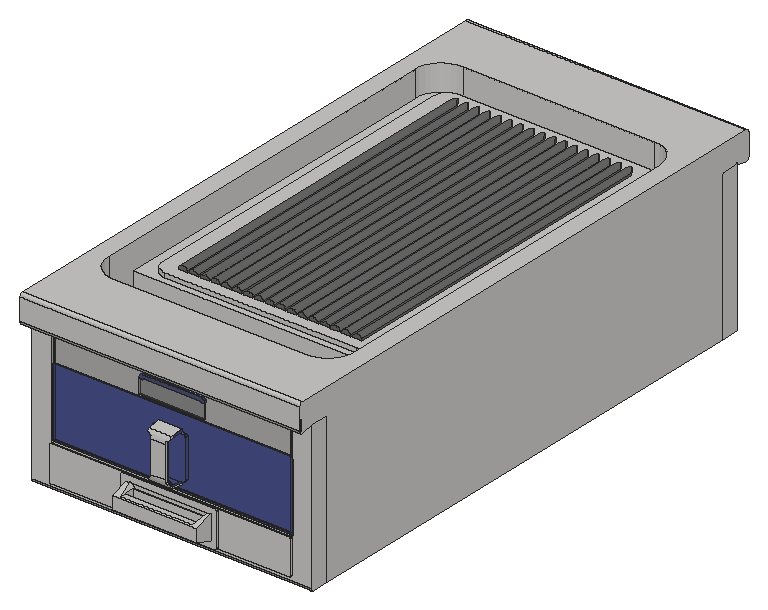
Revit family "QF_ELECTROLUXPROFESSIONAL_588064_MAHNAADOAO", category Specialty Equipment, Revit 2018
Family settings
  Round Connector Dimension = Use Diameter
  Part Type = Normal
  Work Plane-Based = No
  Always vertical = Yes
  Cut with Voids When Loaded = No
  Shared = No
  Room Calculation Point = No
Parameters
  Weight in Pounds = 152.1  # constant formula
  Watts = 5100 VA  # 5100 W
  Volts = 400 V  # constant formula
  URL Cutsheet = ""
  Type Mark [instance] = ""
  Status [instance] = ""
  Specification by User [instance] = ""
  Specification by Manufacturer = ""
  Show Clearance [instance] = yes
  Serial Number = ""
  Seismic Rating = ""
  SMACNA No = ""
  Revision Code [instance] = ""
  Phase = 3  # constant formula
  Omniclass Number and Title = ""
  Number of Poles [instance] = 1
  NAFEM Spec ID Number = ""
  Model = "588064"
  Min Ckt Ampacity = 0 A
  Max Overcurrent Protection = 0 A
  Masterspec = ""
  Manufacturer = "ELECTROLUX"
  Item Number [instance] = ""
  Installed By [instance] = ""
  Identify Quantity as Lot [instance] = yes
  HP = "6.8 HP"
  Furnished By [instance] = ""
  Foodservice Equipment Identifier [instance] = yes
  FL Amps [instance] = if(Phase = 3, Watts / (Volts * 1.73), Watts / Volts)  # 7.36994 A
  Electrical Remarks = "400 V/3N ph/50/60 Hz"  # constant formula
  Electric Connection Type [instance] = ""
  Elec Conn RI Height [instance] = 0 mm
  Elec Conn Connection Height [instance] = 0 mm
  Direct Waste Size = 0"
  Description = "EL.FRYTOP,RIBBED PL,1-SIDE,400X800X250H"
  Cycle [instance] = if([60 Hertz Option], 60 Hz, 50 Hz)  # 60 Hz
  Conn Plug = ""
  Conn Conduit = yes
  CSI MasterFormat = ""
  CSI Master Format = ""
  Back Panel [instance] = yes
  Apparent Power [instance] = if(Phase = 3, Volts * FL Amps * 1.73, Volts * FL Amps)  # 5100 VA
  60 Hertz Option [instance] = not([50 Hertz Option])  # yes
  50 Hertz Option [instance] = no
Reference planes
  plane 1 "BACK": y = -100
  plane 2: z = 0
  plane 3 "LEFT": x = 0
  plane 4 "RIGHT": x = 400
  plane 5 "FRONT": y = -900
  plane 6 "TOP": z = 250
  plane 7: x = 200
  plane 8: y = -500
  plane 9: y = -1330
Forms (mm)
  Extrusion 1, solid, material "QF_Finishes_Stainless Steel"
    sketch origin (0, -487.128, 0) x (0, 1, 0) y (0, 0, 1)
      loop
        line (383.128, 250) -> (-408.872, 250)
        arc (-408.872, 250) -> (-411.7, 248.828) -> (-412.872, 246) r 4
        line (-412.872, 246) -> (-412.872, 214)
        arc (-412.872, 214) -> (-411.443, 210.936) -> (-408.177, 210.061) r 4
        line (-408.177, 210.061) -> (-391.509, 213) -> (-366.872, 213) -> (-366.872, 0) -> (341.128, 0) -> (341.128, 213) -> (365.765, 213) -> (382.433, 210.061)
        arc (382.433, 210.061) -> (385.699, 210.936) -> (387.128, 214) r 4
        line (387.128, 214) -> (387.128, 246)
        arc (387.128, 246) -> (385.956, 248.828) -> (383.128, 250) r 4
    from 0 to 400
  Extrusion 2, solid, material "QF_Finishes_Stainless Steel", visible <- "Back Panel"
    sketch origin (0, 0, 0) x (0, 1, 0) y (0, 0, 1)
      loop
        line (-146, 0) -> (-120, 0) -> (-120, 215)
        arc (-120, 215) -> (-120.586, 213.586) -> (-122, 213) r 2
        line (-122, 213) -> (-146, 213) -> (-146, 0)
    from 0 to 400
  Extrusion 3, void
    sketch origin (653.786, -55.952, 250) x (1, 0, 0) y (0, -1, 0)
      loop
        line (-590.636, 133.048) -> (-316.936, 133.048)
        arc (-316.936, 133.048) -> (-289.96, 144.222) -> (-278.786, 171.198) r 38.15
        line (-278.786, 171.198) -> (-278.786, 716.572)
        arc (-278.786, 716.572) -> (-290.056, 743.779) -> (-317.263, 755.048) r 38.476
        line (-317.263, 755.048) -> (-591.786, 755.048)
        arc (-591.786, 755.048) -> (-617.949, 744.211) -> (-628.786, 718.048) r 37
        line (-628.786, 718.048) -> (-628.786, 171.198)
        arc (-628.786, 171.198) -> (-617.613, 144.222) -> (-590.636, 133.048) r 38.15
    from 0 to 37
  Extrusion 4, void
    sketch origin (1307.573, -7.904, 213) x (0, 1, 0) y (1, 0, 0)
      loop
        line (-721.846, -932.573) -> (-764.62, -932.573)
        arc (-764.62, -932.573) -> (-791.827, -943.842) -> (-803.096, -971.049) r 38.476
        line (-803.096, -971.049) -> (-803.096, -1245.573)
        arc (-803.096, -1245.573) -> (-792.259, -1271.736) -> (-766.096, -1282.573) r 37
        line (-766.096, -1282.573) -> (-721.846, -1282.573) -> (-721.846, -932.573)
    from 0 to 25.6
  Extrusion 5, void
    sketch origin (1307.573, -7.904, 187.4) x (-1, 0, 0) y (0, 1, 0)
      loop
        circle (1212.573, -762.096) r 22.248
    from 0 to 92
  Extrusion 6, solid, material "QF_Finishes_Stainless Steel"
    sketch origin (0, -854, 0) x (1, 0, 0) y (0, -1, 0)
      loop
        circle (355, -169) r 6.35
    from 0 to 3.2
  Extrusion 7, solid, material "QF_Door-Drawer Clearances", visible <- "Show Clearance", detail levels coarse
    sketch origin (237.31, -881.593, 8.62) x (0, 0, 1) y (-1, 0, 0)
      loop
        line (1.973, -134.295) -> (49.317, -134.295)
        arc (49.317, -134.295) -> (50.776, -133.691) -> (51.38, -132.232) r 2.063
        line (51.38, -132.232) -> (51.38, 206.852)
        arc (51.38, 206.852) -> (50.88, 208.549) -> (49.541, 209.705) r 3.133
        line (49.541, 209.705) -> (3.067, 209.705)
        arc (3.067, 209.705) -> (0.898, 208.807) -> (0, 206.638) r 3.067
        line (0, 206.638) -> (0, -132.322)
        arc (0, -132.322) -> (0.578, -133.717) -> (1.973, -134.295) r 1.973
    from 0 to 448.407
Cuts and joins
  Extrusion 3, Extrusion 4, Extrusion 5 cuts Extrusion 1
Lines and regions (mm)
  symbolic lines
    curve 1: line (215.881, -902.326, 0) -> (215.881, -900, 0)
    curve 2: spline (210.213, -903.73, 0) -> (210.691, -903.657, 0) -> (211.169, -903.575, 0) -> (211.646, -903.486, 0) -> (212.122, -903.389, 0) -> (212.597, -903.283, 0) -> (213.071, -903.17, 0) -> (213.543, -903.049, 0) -> (214.014, -902.92, 0) -> (214.483, -902.783, 0) -> (214.951, -902.638, 0) -> (215.417, -902.486, 0) -> (215.881, -902.326, 0)
    curve 3: line (183.666, -902.326, 0) -> (183.666, -900, 0)
    curve 4: spline (183.666, -902.326, 0) -> (184.13, -902.486, 0) -> (184.596, -902.638, 0) -> (185.064, -902.783, 0) -> (185.533, -902.92, 0) -> (186.004, -903.049, 0) -> (186.476, -903.17, 0) -> (186.95, -903.283, 0) -> (187.425, -903.389, 0) -> (187.901, -903.486, 0) -> (188.378, -903.575, 0) -> (188.856, -903.657, 0) -> (189.334, -903.73, 0)
    curve 5: line (210.213, -903.73, 0) -> (189.334, -903.73, 0)
    curve 6: line (25, -774, 0) -> (25, -227.15, 0)
    curve 7: arc (25, -227.15, 0) -> (36.174, -200.174, 0) -> (63.15, -189, 0) r 38.15
    curve 8: line (63.15, -189, 0) -> (336.85, -189, 0)
    curve 9: arc (336.85, -189, 0) -> (363.826, -200.174, 0) -> (375, -227.15, 0) r 38.15
    curve 10: line (375, -227.15, 0) -> (375, -772.524, 0)
    curve 11: arc (375, -772.524, 0) -> (363.731, -799.731, 0) -> (336.524, -811, 0) r 38.476
    curve 12: line (336.524, -811, 0) -> (62, -811, 0)
    curve 13: arc (62, -811, 0) -> (35.837, -800.163, 0) -> (25, -774, 0) r 37
    curve 14: line (375, -729.75, 0) -> (25, -729.75, 0)
    curve 15: circle (95, -770, 0) r 22.248 normal (0, 0, -1)
    curve 16: line (0, -100, 0) -> (400, -100, 0)
    curve 17: line (0, -900, 0) -> (0, -100, 0)
    curve 18: line (400, -900, 0) -> (0, -900, 0)
    curve 19: line (400, -100, 0) -> (400, -900, 0)
    curve 20: line (147.608, -908.767, 0) -> (250.042, -908.767, 0)
    curve 21: line (250.042, -908.767, 0) -> (251.588, -900, 0)
    curve 22: line (147.608, -908.767, 0) -> (146.062, -900, 0)
  symbolic lines, style "QF_Door-Drawer Clearances"
    curve 23: line (27.605, -1330, 0) -> (27.605, -900, 0)
    curve 24: line (27.605, -1330, 0) -> (371.605, -1330, 0)
    curve 25: line (371.605, -1330, 0) -> (371.605, -900, 0)
Dimensions and locks
  plane 3 "LEFT" to plane 4 "RIGHT" = 400 mm
  plane 5 "FRONT" to plane 1 "BACK" = 800 mm
  equal spacing: plane 3 "LEFT", plane 7, plane 4 "RIGHT"
  equal spacing: plane 5 "FRONT", plane 8, plane 1 "BACK"
  plane 6 "TOP" to level = 250 mm  (x2)
  plane 1 "BACK" to plane 5 "FRONT" = 800 mm
  Extrusion 6 sketch curve to plane 1 "BACK" = 585 mm
  Extrusion 6 sketch curve to plane 4 "RIGHT" = 45 mm
  plane 5 "FRONT" to plane 9 = 430 mm
  aligned and locked: level to plane 2
  aligned and locked: plane 7 to nested 1
  aligned and locked: Extrusion 7 to plane 9
  aligned and locked: plane 7 to nested 2
Automatic sketch dimensions
  Extrusion 1 sketch curve to plane 5 "FRONT" = 0 mm
  Extrusion 1 sketch curve to plane 6 "TOP" = 0 mm
  Extrusion 1 sketch curve to level = 0 mm
  Extrusion 1 sketch curve to plane 1 "BACK" = 0 mm
  Extrusion 1 sketch curve to plane 6 "TOP" = 37 mm  (x2)
  Extrusion 1 sketch curve to plane 5 "FRONT" = 4 mm
  Extrusion 1 sketch curve to plane 5 "FRONT" = 21.363 mm
  Extrusion 1 sketch curve to Extrusion 1 sketch curve = 24.637 mm
  plane 1 "BACK" to Extrusion 1 sketch curve = 46 mm
  plane 1 "BACK" to Extrusion 1 sketch curve = 21.363 mm
  plane 1 "BACK" to Extrusion 1 sketch curve = 4 mm  (x2)
  Extrusion 1 sketch curve to Extrusion 1 sketch curve = 4 mm
  Extrusion 1 sketch curve to Extrusion 1 sketch curve = 0.695 mm
  Extrusion 1 sketch curve to Extrusion 1 sketch curve = 0 mm  (x4)
  plane 1 "BACK" to Extrusion 1 sketch curve = 4.695 mm
  Extrusion 1 sketch curve to Extrusion 1 sketch curve = 1 mm  (x2)
  Extrusion 2 sketch curve to Extrusion 2 sketch curve = 26 mm
  Extrusion 2 sketch curve to Extrusion 2 sketch curve = 2 mm
  Extrusion 2 sketch curve to plane 6 "TOP" = 37 mm
  plane 1 "BACK" to curve 16 = 0 mm
  curve 16 to plane 4 "RIGHT" = 0 mm
  curve 25 to plane 9 = 0 mm
  curve 17 to plane 3 "LEFT" = 0 mm
  plane 5 "FRONT" to curve 19 = 0 mm
  plane 4 "RIGHT" to curve 10 = 25 mm
  plane 4 "RIGHT" to curve 25 = 28.395 mm
  curve 10 to curve 8 = 38.15 mm
  curve 11 to curve 12 = 38.476 mm
  plane 5 "FRONT" to curve 1 = 2.326 mm
  plane 7 to curve 1 = 15.881 mm
  plane 5 "FRONT" to curve 5 = 3.73 mm
  curve 2 to curve 5 = 5.669 mm
  plane 5 "FRONT" to curve 20 = 8.767 mm
  curve 20 to curve 2 = 39.83 mm
  curve 20 to curve 5 = 60.708 mm
  plane 5 "FRONT" to curve 3 = 2.326 mm
  curve 5 to curve 3 = 5.669 mm
  plane 3 "LEFT" to curve 8 = 63.15 mm
  plane 3 "LEFT" to curve 12 = 62 mm
  plane 3 "LEFT" to curve 24 = 27.605 mm
  plane 3 "LEFT" to curve 6 = 25 mm
  curve 1 to curve 2 = 9.839 mm
  curve 2 to curve 4 = 12.538 mm
  curve 21 to curve 4 = 58.083 mm
  curve 15 to curve 13 = 33 mm
  plane 1 "BACK" to curve 8 = 89 mm
  curve 10 to plane 5 "FRONT" = 127.476 mm
  curve 14 to curve 13 = 44.25 mm
  curve 15 to curve 13 = 4 mm
  curve 4 to plane 5 "FRONT" = 39.101 mm
  curve 4 to curve 2 = 0 mm
  Extrusion 1 to Extrusion 3 sketch curve = 25 mm  (x2)
  Extrusion 1 to Extrusion 3 sketch curve = 85 mm
  Extrusion 3 sketch curve to Extrusion 3 sketch curve = 37 mm
  Extrusion 3 sketch curve to Extrusion 3 sketch curve = 38.15 mm
  Extrusion 1 to Extrusion 3 sketch curve = 63.476 mm
  Extrusion 1 to Extrusion 3 sketch curve = 63.15 mm
  Extrusion 1 to Extrusion 3 sketch curve = 123.15 mm
  Extrusion 4 sketch curve to Extrusion 3 = 0 mm
  Extrusion 4 sketch curve to Extrusion 3 = 38.476 mm
  Extrusion 4 sketch curve to Extrusion 4 sketch curve = 44.25 mm
  Extrusion 5 sketch curve to Extrusion 4 = 70 mm
  Extrusion 5 sketch curve to Extrusion 4 = 40.25 mm
  Extrusion 7 sketch curve to nested 1 = 1.973 mm
  Extrusion 7 sketch curve to nested 1 = 2.853 mm
  Extrusion 7 sketch curve to nested 1 = 1.839 mm
  curve 22 to plane 7 = 52.392 mm
  curve 20 to curve 22 = 1.546 mm
  plane 1 "BACK" to Extrusion 2 sketch curve = 22 mm
  Extrusion 2 sketch curve to level = 0 mm
  radius of curve 15 = 22.248 mm
  radius of Extrusion 4 sketch curve to Extrusion 3 = 0 mm
  radius of Extrusion 5 sketch curve = 22.248 mm
  radius of Extrusion 6 sketch curve = 6.35 mm
  radius of Extrusion 7 sketch curve to nested 1 = 0 mm  (x2)
Nested families
  nested 1: "EG_800_400 Front Panel with Center Grease Trap" at (202.376, -854, -650), type "EG_800_400 Front Panel with Center Grease Trap"
  nested 2: "EG_800_400 mm Full Grate" at (200, -509.375, -675), type "EG_800_400 mm Full Grate"
Connectors
  electrical at (355, -685, -3.2), driven by "Volts", driven by "Watts"
    settings: on Extrusion 6, index 1, voltage 400 V, apparent load 5100 VA, apparent load phase1 0 VA, apparent load phase2 0 VA, apparent load phase3 0 VA, power factor 1, load classification "Other", number of poles 1, system type 30, power factor state 1, is connector primary yes, connector utility no, sub classification motor no, connector description "ELECTRICAL CONNECTION"
Definition of nested family "EG_800_400 Front Panel with Center Grease Trap"
  Reference planes
    plane 1 "Center (Front/Back)": y = 0
    plane 2: z = 0
    plane 3 "Center (Left/Right)": x = -2.376
    plane 4: x = -202.376
    plane 5: x = 197.624
  Forms (mm)
    Extrusion 1, solid
      sketch origin (833.217, 829.203, -1.25) x (0, 1, 0) y (0, 0, 1)
        loop
          arc (-854.203, 654.25) -> (-853.324, 652.129) -> (-851.203, 651.25) r 3
          line (-851.203, 651.25) -> (-829.203, 651.25) -> (-829.203, 864.25) -> (-854.203, 864.25) -> (-854.203, 654.25)
      from -1035.593 to -635.593
    Extrusion 2, void
      sketch origin (33.217, 829.203, -1.25) x (1, 0, 0) y (0, 0, 1)
        loop
          line (-207.593, 855.116) -> (-207.593, 713.116) -> (136.407, 713.116) -> (136.407, 855.116) -> (-207.593, 855.116)
      from 848.59 to 854.203
  Cuts and joins
    Extrusion 2 cuts Extrusion 1
  Dimensions and locks
    equal spacing: plane 5, plane 3 "Center (Left/Right)", plane 4
    plane 5 to plane 4 = 400 mm
    aligned and locked: cut or joined group of Extrusion 1, Extrusion 2 to plane 4
    aligned and locked: plane 5 to cut or joined group of Extrusion 1, Extrusion 2
    aligned and locked: plane 3 "Center (Left/Right)" to nested 2
    aligned and locked: cut or joined group of Extrusion 1, Extrusion 2 to nested 2
    aligned and locked: plane 3 "Center (Left/Right)" to nested 1
    aligned and locked: plane 3 "Center (Left/Right)" to nested 3
  Automatic sketch dimensions
    Extrusion 1 sketch curve to plane 1 "Center (Front/Back)" = 0 mm
    plane 1 "Center (Front/Back)" to Extrusion 1 sketch curve = 22 mm
    Extrusion 1 sketch curve to Extrusion 1 sketch curve = 3 mm
    level to Extrusion 1 sketch curve = 650 mm
    Extrusion 1 sketch curve to Extrusion 1 sketch curve = 210 mm
    plane 4 to Extrusion 2 sketch curve = 28 mm
    Extrusion 2 sketch curve to plane 5 = 28 mm
    level to Extrusion 2 sketch curve = 711.866 mm
    Extrusion 2 sketch curve to Extrusion 2 sketch curve = 142 mm
  Nested families
    nested 1: "Range Control Handle" at (-2.376, -28.137, -209.113) x (-1, 0, 0) z (0, 0, 1), type "Range Control Handle"
    nested 2: "glass conrol panel" at (-2.376, 280.644, 2.752), type "glass conrol panel"
    nested 3: "grease trap door" at (65.223, -25, 0.608) x (-1, 0, 0) z (0, 0, 1), type "grease trap door"
  Definition of nested family "Range Control Handle"
    Reference planes
      plane 1 "Center (Front/Back)": y = 0
      plane 2: z = 0
      plane 3 "Center (Left/Right)": x = 0
      plane 4: z = 971.092
    Forms (mm)
      Extrusion 1, solid
        sketch origin (-746.28, 380.497, 208.931) x (-1, 0, 0) y (0, 0, 1)
          loop
            line (-770.101, 786.798) -> (-770.101, 731.649)
            arc (-770.101, 731.649) -> (-769.759, 730.563) -> (-768.855, 729.87) r 1.893
            line (-768.855, 729.87) -> (-763.474, 727.911) -> (-729.81, 727.911) -> (-724.428, 729.87)
            arc (-724.428, 729.87) -> (-723.525, 730.563) -> (-723.183, 731.649) r 1.893
            line (-723.183, 731.649) -> (-723.183, 786.798)
            arc (-723.183, 786.798) -> (-723.529, 787.894) -> (-724.44, 788.593) r 1.91
            line (-724.44, 788.593) -> (-729.683, 790.819) -> (-763.601, 790.819) -> (-768.844, 788.593)
            arc (-768.844, 788.593) -> (-769.755, 787.894) -> (-770.101, 786.798) r 1.91
        from -382.35 to -378.852
      Sweep 2, solid
        path origin (-746.788, 380.496, 208.091) x (0, -1, 0) y (0, 0, 1)
          loop
            line (379.775, 793.281) -> (395.661, 791.048)
            arc (395.661, 791.048) -> (397.781, 787.377) -> (398.517, 783.202) r 12.207
            line (398.517, 783.202) -> (398.517, 737.368)
            arc (398.517, 737.368) -> (397.781, 733.193) -> (395.661, 729.522) r 12.207
            line (395.661, 729.522) -> (379.775, 727.289)
        profile origin (-746.788, -7.222, 1000.256) x (0, -0.139173, 0.990268) y (-1, 0, 0)
          loop
            line (0.782, -763.123) -> (0.782, -730.907) -> (-1.322, -730.907) -> (-1.322, -763.123) -> (0.782, -763.123)
      Sweep 3, solid
        path origin (-746.788, 380.715, 207.832) x (0, -1, 0) y (0, 0, 1)
          loop
            line (380.478, 795.442) -> (397.218, 793.09)
            arc (397.218, 793.09) -> (399.929, 788.473) -> (400.871, 783.202) r 15.207
            line (400.871, 783.202) -> (400.871, 737.584)
            arc (400.871, 737.584) -> (399.914, 732.274) -> (397.164, 727.633) r 15.207
            line (397.164, 727.633) -> (380.601, 725.305)
        profile origin (-746.788, -8.132, 1002.099) x (0, -0.139173, 0.990268) y (-1, 0, 0)
          loop
            line (0.782, -763.123) -> (0.782, -730.907) -> (-1.322, -730.907) -> (-1.322, -763.123) -> (0.782, -763.123)
      Extrusion 4, void
        sketch origin (889.253, 220.666, 207.993) x (1, 0, 0) y (0, 0, 1)
          loop
            line (-943.038, 816.854) -> (-943.038, 703.686) -> (-899.466, 734.196) -> (-899.466, 786.344) -> (-943.038, 816.854)
        from 230.636 to 242.25
      Extrusion 5, void
        sketch origin (-888.8, 220.666, 207.993) x (-1, 0, 0) y (0, 0, -1)
          loop
            line (-943.038, -816.854) -> (-899.466, -786.344) -> (-899.466, -734.196) -> (-943.038, -703.686) -> (-943.038, -816.854)
        from 230.636 to 242.25
      Extrusion 6, solid
        sketch origin (0, 0, 0) x (1, 0, 0) y (0, 0, 1)
          loop
            circle (0, 971.092) r 7.736
        from -3.137 to -1.645
    Cuts and joins
      Extrusion 4, Extrusion 5 cuts Sweep 3
      Extrusion 4, Extrusion 5 cuts Sweep 2
      joined: Extrusion 1, Extrusion 6
    Lines and regions (mm)
      symbolic lines
        curve 1: line (23.821, 1.645, 0) -> (-23.097, 1.645, 0)
        curve 2: line (16.334, -1.853, 0) -> (23.821, -1.853, 0)
        curve 3: line (-15.881, -19.189, 0) -> (-15.881, -1.853, 0)
        curve 4: line (-23.097, -1.853, 0) -> (-15.881, -1.853, 0)
        curve 5: line (16.334, -19.189, 0) -> (16.334, -1.853, 0)
        curve 6: spline (-15.881, -19.189, 0) -> (-15.417, -19.349, 0) -> (-14.951, -19.501, 0) -> (-14.483, -19.646, 0) -> (-14.014, -19.783, 0) -> (-13.543, -19.912, 0) -> (-13.071, -20.033, 0) -> (-12.597, -20.146, 0) -> (-12.122, -20.251, 0) -> (-11.646, -20.349, 0) -> (-11.169, -20.438, 0) -> (-10.691, -20.52, 0) -> (-10.213, -20.593, 0)
        curve 7: spline (10.666, -20.593, 0) -> (11.144, -20.52, 0) -> (11.622, -20.438, 0) -> (12.099, -20.349, 0) -> (12.575, -20.251, 0) -> (13.05, -20.146, 0) -> (13.524, -20.033, 0) -> (13.996, -19.912, 0) -> (14.467, -19.783, 0) -> (14.936, -19.646, 0) -> (15.404, -19.501, 0) -> (15.87, -19.349, 0) -> (16.334, -19.189, 0)
        curve 8: line (-10.213, -20.938, 0) -> (10.716, -20.938, 0)
        curve 9: line (-23.097, 1.645, 0) -> (-23.097, -1.853, 0)
        curve 10: line (23.821, 1.645, 0) -> (23.821, -1.853, 0)
  Definition of nested family "glass conrol panel"
    Reference planes
      plane 1 "Center (Front/Back)": y = 0
      plane 2: z = 0
      plane 3 "Center (Left/Right)": x = 0
    Forms (mm)
      Extrusion 1, solid
        sketch origin (378.286, 0, 0.617) x (1, 0, 0) y (0, 0, 1)
          loop
            line (-550.286, 806.791) -> (-550.286, 708.497) -> (-206.286, 708.497) -> (-206.286, 806.791) -> (-550.286, 806.791)
        from 300.031 to 304.8
      Extrusion 2, solid
        sketch origin (378.286, 0, 0.617) x (1, 0, 0) y (0, 0, 1)
          loop
            line (-550.286, 850.497) -> (-550.286, 806.791) -> (-206.286, 806.791) -> (-206.286, 850.497) -> (-550.286, 850.497)
        from 300.031 to 304.8
      Extrusion 3, void
        sketch origin (378.286, 0, 0.617) x (1, 0, 0) y (0, 0, 1)
          loop
            line (-547.628, 847.565) -> (-547.628, 710.699) -> (-209.196, 710.699) -> (-209.196, 847.565) -> (-547.628, 847.565)
        from 303.697 to 304.8
      Extrusion 4, solid
        sketch origin (-308.309, 1.101, -0.633) x (-1, 0, 0) y (0, 0, -1)
          loop
            line (-261.431, -812.62) -> (-355.186, -812.62) -> (-355.186, -834.177) -> (-350.269, -834.177) -> (-348.469, -835.977) -> (-268.039, -835.977) -> (-266.24, -834.177) -> (-261.431, -834.177) -> (-261.431, -812.62)
        from 304.798 to 306.745
      Extrusion 5, solid
        sketch origin (-308.309, 1.101, -0.633) x (-1, 0, 0) y (0, 0, -1)
          loop
            line (-350.269, -834.177) -> (-355.078, -834.177)
            arc (-355.078, -834.177) -> (-353.942, -838.747) -> (-349.686, -840.763) r 5.5
            line (-349.686, -840.763) -> (-266.98, -840.763)
            arc (-266.98, -840.763) -> (-262.706, -838.752) -> (-261.529, -834.177) r 5.549
            line (-261.529, -834.177) -> (-266.24, -834.177) -> (-268.039, -835.977) -> (-348.469, -835.977) -> (-350.269, -834.177)
        from 304.798 to 306.745
    Cuts and joins
      Extrusion 3 cuts Extrusion 1
      Extrusion 3 cuts Extrusion 2
    Dimensions and locks
      aligned and locked: Extrusion 1 to Extrusion 2
      aligned and locked: Extrusion 5 sketch curve to Extrusion 4  (x5)
      aligned and locked: Extrusion 5 to Extrusion 4
  Definition of nested family "grease trap door"
    Reference planes
      plane 1 "Center (Front/Back)": y = 0
      plane 2: z = 0
      plane 3 "Center (Left/Right)": x = 0
    Forms (mm)
      Extrusion 1, solid
        sketch origin (1627.55, 854.203, -1.25) x (1, 0, 0) y (0, 0, 1)
          loop
            arc (-1627.55, 661.235) -> (-1626.972, 659.84) -> (-1625.577, 659.262) r 1.973
            line (-1625.577, 659.262) -> (-1494.325, 659.262)
            arc (-1494.325, 659.262) -> (-1492.156, 660.16) -> (-1491.258, 662.329) r 3.067
            line (-1491.258, 662.329) -> (-1491.258, 708.803)
            arc (-1491.258, 708.803) -> (-1492.414, 710.143) -> (-1494.111, 710.642) r 3.133
            line (-1494.111, 710.642) -> (-1625.486, 710.642)
            arc (-1625.486, 710.642) -> (-1626.945, 710.038) -> (-1627.55, 708.579) r 2.063
            line (-1627.55, 708.579) -> (-1627.55, 661.235)
        from 856.795 to 859.203
      Extrusion 2, solid
        sketch origin (445.874, 2476.61, 0) x (0, 1, 0) y (0, 0, 1)
          loop
            line (-2506.377, 675.273) -> (-2481.61, 667.505) -> (-2481.61, 700.995) -> (-2506.377, 693.227) -> (-2506.377, 675.273)
        from -437.68 to -317.68
      Extrusion 3, void
        sketch origin (1627.55, 854.203, -1.25) x (1, 0, 0) y (0, 0, 1)
          loop
            line (-1614.883, 703) -> (-1610.542, 695.433) -> (-1508.17, 695.433) -> (-1503.828, 703) -> (-1614.883, 703)
          loop
            line (-1614.883, 668) -> (-1502.669, 668) -> (-1507.01, 675.567) -> (-1610.542, 675.567) -> (-1614.883, 668)
        from 832.916 to 883.97
      Extrusion 4, void
        sketch origin (447.55, 854.203, -1.25) x (1, 0, 0) y (0, 0, 1)
          loop
            line (-430.542, 695.433) -> (-430.542, 675.567) -> (-328.17, 675.567) -> (-328.17, 695.433) -> (-430.542, 695.433)
        from 859.203 to 874.202
      Extrusion 5, solid
        sketch origin (1627.55, 854.203, -1.25) x (1, 0, 0) y (0, 0, 1)
          loop
            arc (-1731.556, 661.235) -> (-1730.978, 659.84) -> (-1729.583, 659.262) r 1.973
            line (-1729.583, 659.262) -> (-1390.623, 659.262)
            arc (-1390.623, 659.262) -> (-1388.454, 660.16) -> (-1387.556, 662.329) r 3.067
            line (-1387.556, 662.329) -> (-1387.556, 708.803)
            arc (-1387.556, 708.803) -> (-1388.712, 710.143) -> (-1390.409, 710.642) r 3.133
            line (-1390.409, 710.642) -> (-1729.493, 710.642)
            arc (-1729.493, 710.642) -> (-1730.952, 710.038) -> (-1731.556, 708.579) r 2.063
            line (-1731.556, 708.579) -> (-1731.556, 661.235)
        from 854.203 to 856.795
    Cuts and joins
      Extrusion 3 cuts Extrusion 1
      Extrusion 3, Extrusion 4 cuts Extrusion 2
      joined: Extrusion 1, Extrusion 2
    Lines and regions (mm)
      symbolic lines
        curve 1: line (0, -2.593, 0) -> (136.292, -2.593, 0)
        curve 2: line (17.557, -29.767, 0) -> (12.667, -2.593, 0)
        curve 3: line (17.557, -29.767, 0) -> (119.991, -29.767, 0)
        curve 4: line (119.991, -29.767, 0) -> (124.881, -2.593, 0)
        curve 5: line (68.146, -2.593, 0) -> (68.146, -29.767, 0)
      model lines
        curve 6: line (67.599, 0, 658.012) -> (67.599, 0, 709.392)
    Dimensions and locks
      aligned and locked: Extrusion 2 to Extrusion 1
      aligned and locked: Extrusion 3 to Extrusion 2
      aligned and locked: Extrusion 4 to Extrusion 1
Definition of nested family "EG_800_400 mm Full Grate"
  Parameters
    Length = 262 mm
    Array = Length / 15 mm  # 17
  Reference planes
    plane 1: z = 0
    plane 2 "Center (Left/Right)": x = 0
    plane 3: z = 900
    plane 4: z = 888
    plane 5: x = -175
    plane 6: x = 135
    plane 7: x = -151
    plane 8: x = 131
  Forms (mm)
    Extrusion 1, solid
      sketch origin (653.786, 467.26, 0) x (1, 0, 0) y (0, 1, 0)
        loop
          line (-808.786, -175.198) -> (-808.786, -660.472)
          arc (-808.786, -660.472) -> (-803.807, -672.493) -> (-791.786, -677.472) r 17
          line (-791.786, -677.472) -> (-516.936, -677.472)
          arc (-516.936, -677.472) -> (-504.102, -672.156) -> (-498.786, -659.322) r 18.15
          line (-498.786, -659.322) -> (-498.786, -175.198)
          arc (-498.786, -175.198) -> (-504.102, -162.364) -> (-516.936, -157.048) r 18.15
          line (-516.936, -157.048) -> (-790.636, -157.048)
          arc (-790.636, -157.048) -> (-803.47, -162.364) -> (-808.786, -175.198) r 18.15
      from 888 to 894.474
  Lines and regions (mm)
    symbolic lines
      curve 1: line (-131, 286.484, 0) -> (-124.5, 295.767, 0)
      curve 2: line (-124.5, 295.767, 0) -> (-118, 286.484, 0)
      curve 3: line (-118, -186.484, 0) -> (-118, 286.484, 0)
      curve 4: line (-131, 286.484, 0) -> (-131, -186.484, 0)
      curve 5: line (-124.5, -195.767, 0) -> (-131, -186.484, 0)
      curve 6: line (-118, -186.484, 0) -> (-124.5, -195.767, 0)
      curve 7: line (136.85, 310.212, 0) -> (-136.85, 310.212, 0)
      curve 8: arc (-136.85, 310.212, 0) -> (-149.684, 304.896, 0) -> (-155, 292.062, 0) r 18.15
      curve 9: line (-155, 292.062, 0) -> (-155, -193.212, 0)
      curve 10: arc (-155, -193.212, 0) -> (-150.021, -205.233, 0) -> (-138, -210.212, 0) r 17
      curve 11: line (-138, -210.212, 0) -> (136.85, -210.212, 0)
      curve 12: arc (136.85, -210.212, 0) -> (149.684, -204.896, 0) -> (155, -192.062, 0) r 18.15
      curve 13: line (155, -192.062, 0) -> (155, 292.062, 0)
      curve 14: arc (155, 292.062, 0) -> (149.684, 304.896, 0) -> (136.85, 310.212, 0) r 18.15
      curve 15: line (118, 286.484, 0) -> (124.5, 295.767, 0)
      curve 16: line (124.5, 295.767, 0) -> (131, 286.484, 0)
      curve 17: line (131, -186.484, 0) -> (131, 286.484, 0)
      curve 18: line (118, 286.484, 0) -> (118, -186.484, 0)
      curve 19: line (124.5, -195.767, 0) -> (118, -186.484, 0)
      curve 20: line (131, -186.484, 0) -> (124.5, -195.767, 0)
      curve 21: line (-115.438, 286.484, 0) -> (-108.938, 295.767, 0)
      curve 22: line (-108.938, 295.767, 0) -> (-102.438, 286.484, 0)
      curve 23: line (-102.438, -186.484, 0) -> (-102.438, 286.484, 0)
      curve 24: line (-115.438, 286.484, 0) -> (-115.438, -186.484, 0)
      curve 25: line (-108.938, -195.767, 0) -> (-115.438, -186.484, 0)
      curve 26: line (-102.438, -186.484, 0) -> (-108.938, -195.767, 0)
      curve 27: line (-99.875, 286.484, 0) -> (-93.375, 295.767, 0)
      curve 28: line (-93.375, 295.767, 0) -> (-86.875, 286.484, 0)
      curve 29: line (-86.875, -186.484, 0) -> (-86.875, 286.484, 0)
      curve 30: line (-99.875, 286.484, 0) -> (-99.875, -186.484, 0)
      curve 31: line (-93.375, -195.767, 0) -> (-99.875, -186.484, 0)
      curve 32: line (-86.875, -186.484, 0) -> (-93.375, -195.767, 0)
      curve 33: line (-84.313, 286.484, 0) -> (-77.813, 295.767, 0)
      curve 34: line (-77.813, 295.767, 0) -> (-71.313, 286.484, 0)
      curve 35: line (-71.313, -186.484, 0) -> (-71.313, 286.484, 0)
      curve 36: line (-84.313, 286.484, 0) -> (-84.313, -186.484, 0)
      curve 37: line (-77.813, -195.767, 0) -> (-84.313, -186.484, 0)
      curve 38: line (-71.313, -186.484, 0) -> (-77.813, -195.767, 0)
      curve 39: line (-68.75, 286.484, 0) -> (-62.25, 295.767, 0)
      curve 40: line (-62.25, 295.767, 0) -> (-55.75, 286.484, 0)
      curve 41: line (-55.75, -186.484, 0) -> (-55.75, 286.484, 0)
      curve 42: line (-68.75, 286.484, 0) -> (-68.75, -186.484, 0)
      curve 43: line (-62.25, -195.767, 0) -> (-68.75, -186.484, 0)
      curve 44: line (-55.75, -186.484, 0) -> (-62.25, -195.767, 0)
      curve 45: line (-53.188, 286.484, 0) -> (-46.688, 295.767, 0)
      curve 46: line (-46.688, 295.767, 0) -> (-40.188, 286.484, 0)
      curve 47: line (-40.188, -186.484, 0) -> (-40.188, 286.484, 0)
      curve 48: line (-53.188, 286.484, 0) -> (-53.188, -186.484, 0)
      curve 49: line (-46.688, -195.767, 0) -> (-53.188, -186.484, 0)
      curve 50: line (-40.188, -186.484, 0) -> (-46.688, -195.767, 0)
      curve 51: line (-37.625, 286.484, 0) -> (-31.125, 295.767, 0)
      curve 52: line (-31.125, 295.767, 0) -> (-24.625, 286.484, 0)
      curve 53: line (-24.625, -186.484, 0) -> (-24.625, 286.484, 0)
      curve 54: line (-37.625, 286.484, 0) -> (-37.625, -186.484, 0)
      curve 55: line (-31.125, -195.767, 0) -> (-37.625, -186.484, 0)
      curve 56: line (-24.625, -186.484, 0) -> (-31.125, -195.767, 0)
      curve 57: line (-22.063, 286.484, 0) -> (-15.563, 295.767, 0)
      curve 58: line (-15.563, 295.767, 0) -> (-9.063, 286.484, 0)
      curve 59: line (-9.063, -186.484, 0) -> (-9.063, 286.484, 0)
      curve 60: line (-22.063, 286.484, 0) -> (-22.063, -186.484, 0)
      curve 61: line (-15.563, -195.767, 0) -> (-22.063, -186.484, 0)
      curve 62: line (-9.063, -186.484, 0) -> (-15.563, -195.767, 0)
      curve 63: line (-6.5, 286.484, 0) -> (0, 295.767, 0)
      curve 64: line (0, 295.767, 0) -> (6.5, 286.484, 0)
      curve 65: line (6.5, -186.484, 0) -> (6.5, 286.484, 0)
      curve 66: line (-6.5, 286.484, 0) -> (-6.5, -186.484, 0)
      curve 67: line (0, -195.767, 0) -> (-6.5, -186.484, 0)
      curve 68: line (6.5, -186.484, 0) -> (0, -195.767, 0)
      curve 69: line (9.062, 286.484, 0) -> (15.562, 295.767, 0)
      curve 70: line (15.562, 295.767, 0) -> (22.062, 286.484, 0)
      curve 71: line (22.062, -186.484, 0) -> (22.062, 286.484, 0)
      curve 72: line (9.062, 286.484, 0) -> (9.062, -186.484, 0)
      curve 73: line (15.562, -195.767, 0) -> (9.062, -186.484, 0)
      curve 74: line (22.062, -186.484, 0) -> (15.562, -195.767, 0)
      curve 75: line (24.625, 286.484, 0) -> (31.125, 295.767, 0)
      curve 76: line (31.125, 295.767, 0) -> (37.625, 286.484, 0)
      curve 77: line (37.625, -186.484, 0) -> (37.625, 286.484, 0)
      curve 78: line (24.625, 286.484, 0) -> (24.625, -186.484, 0)
      curve 79: line (31.125, -195.767, 0) -> (24.625, -186.484, 0)
      curve 80: line (37.625, -186.484, 0) -> (31.125, -195.767, 0)
      curve 81: line (40.187, 286.484, 0) -> (46.687, 295.767, 0)
      curve 82: line (46.687, 295.767, 0) -> (53.188, 286.484, 0)
      curve 83: line (53.188, -186.484, 0) -> (53.188, 286.484, 0)
      curve 84: line (40.187, 286.484, 0) -> (40.187, -186.484, 0)
      curve 85: line (46.687, -195.767, 0) -> (40.187, -186.484, 0)
      curve 86: line (53.188, -186.484, 0) -> (46.687, -195.767, 0)
      curve 87: line (55.75, 286.484, 0) -> (62.25, 295.767, 0)
      curve 88: line (62.25, 295.767, 0) -> (68.75, 286.484, 0)
      curve 89: line (68.75, -186.484, 0) -> (68.75, 286.484, 0)
      curve 90: line (55.75, 286.484, 0) -> (55.75, -186.484, 0)
      curve 91: line (62.25, -195.767, 0) -> (55.75, -186.484, 0)
      curve 92: line (68.75, -186.484, 0) -> (62.25, -195.767, 0)
      curve 93: line (71.312, 286.484, 0) -> (77.812, 295.767, 0)
      curve 94: line (77.812, 295.767, 0) -> (84.313, 286.484, 0)
      curve 95: line (84.313, -186.484, 0) -> (84.313, 286.484, 0)
      curve 96: line (71.312, 286.484, 0) -> (71.312, -186.484, 0)
      curve 97: line (77.812, -195.767, 0) -> (71.312, -186.484, 0)
      curve 98: line (84.313, -186.484, 0) -> (77.812, -195.767, 0)
      curve 99: line (86.875, 286.484, 0) -> (93.375, 295.767, 0)
      curve 100: line (93.375, 295.767, 0) -> (99.875, 286.484, 0)
      curve 101: line (99.875, -186.484, 0) -> (99.875, 286.484, 0)
      curve 102: line (86.875, 286.484, 0) -> (86.875, -186.484, 0)
      curve 103: line (93.375, -195.767, 0) -> (86.875, -186.484, 0)
      curve 104: line (99.875, -186.484, 0) -> (93.375, -195.767, 0)
      curve 105: line (102.438, 286.484, 0) -> (108.938, 295.767, 0)
      curve 106: line (108.938, 295.767, 0) -> (115.438, 286.484, 0)
      curve 107: line (115.438, -186.484, 0) -> (115.438, 286.484, 0)
      curve 108: line (102.438, 286.484, 0) -> (102.438, -186.484, 0)
      curve 109: line (108.938, -195.767, 0) -> (102.438, -186.484, 0)
      curve 110: line (115.438, -186.484, 0) -> (108.938, -195.767, 0)
  Dimensions and locks
    plane 3 to level = 900 mm
    plane 3 to plane 4 = 12 mm
    plane 5 to plane 6 = 310 mm
    aligned and locked: Extrusion 1 to nested 1
  Nested families
    nested 1: "Grate for Griddle_800" at (-124.5, 0, 11.99), type "Grate for Griddle_800"
    nested 2: "Grate for Griddle_800" at (124.5, 0, 11.99), type "Grate for Griddle_800"
    nested 3: "Grate for Griddle_800" at (-108.938, 0, 11.99), type "Grate for Griddle_800"
    nested 4: "Grate for Griddle_800" at (-93.375, 0, 11.99), type "Grate for Griddle_800"
    nested 5: "Grate for Griddle_800" at (-77.813, 0, 11.99), type "Grate for Griddle_800"
    nested 6: "Grate for Griddle_800" at (-62.25, 0, 11.99), type "Grate for Griddle_800"
    nested 7: "Grate for Griddle_800" at (-46.688, 0, 11.99), type "Grate for Griddle_800"
    nested 8: "Grate for Griddle_800" at (-31.125, 0, 11.99), type "Grate for Griddle_800"
    nested 9: "Grate for Griddle_800" at (-15.563, 0, 11.99), type "Grate for Griddle_800"
    nested 10: "Grate for Griddle_800" at (0, 0, 11.99), type "Grate for Griddle_800"
    nested 11: "Grate for Griddle_800" at (15.562, 0, 11.99), type "Grate for Griddle_800"
    nested 12: "Grate for Griddle_800" at (31.125, 0, 11.99), type "Grate for Griddle_800"
    nested 13: "Grate for Griddle_800" at (46.687, 0, 11.99), type "Grate for Griddle_800"
    nested 14: "Grate for Griddle_800" at (62.25, 0, 11.99), type "Grate for Griddle_800"
    nested 15: "Grate for Griddle_800" at (77.812, 0, 11.99), type "Grate for Griddle_800"
    nested 16: "Grate for Griddle_800" at (93.375, 0, 11.99), type "Grate for Griddle_800"
    nested 17: "Grate for Griddle_800" at (108.938, 0, 11.99), type "Grate for Griddle_800"
  Definition of nested family "Grate for Griddle_800"
    Reference planes
      plane 1 "Center (Front/Back)": y = 0
      plane 2: z = 0
      plane 3 "Center (Left/Right)": x = 0
      plane 4: x = -5.214
      plane 5: x = 7.786
      plane 6: y = 294
      plane 7: y = -194
    Forms (mm)
      Extrusion 1, solid
        sketch origin (1322.686, 294, -6.066) x (1, 0, 0) y (0, 0, 1)
          loop
            line (-1316.186, 888.55) -> (-1316.186, 890.55)
            arc (-1316.186, 890.55) -> (-1322.686, 894.177) -> (-1329.186, 890.55) r 7.638
            line (-1329.186, 890.55) -> (-1329.186, 888.55) -> (-1316.186, 888.55)
        from 0 to 488
      Extrusion 2, void
        sketch origin (0, 0, 0) x (1, 0, 0) y (0, 1, 0)
          loop
            line (-1.237, 294) -> (-6.5, 294) -> (-6.5, 286.484) -> (-1.237, 294)
          loop
            line (1.237, 294) -> (6.5, 286.484) -> (6.5, 294) -> (1.237, 294)
          loop
            line (-1.237, -294) -> (-6.5, -286.484) -> (-6.5, -294) -> (-1.237, -294)
          loop
            line (1.237, -294) -> (6.5, -294) -> (6.5, -286.484) -> (1.237, -294)
        from 878.991 to 892.372
    Cuts and joins
      Extrusion 2 cuts Extrusion 1
    Lines and regions (mm)
      symbolic lines
        curve 1: line (6.5, -186.484, 0) -> (6.5, 286.484, 0)
        curve 2: line (6.5, -186.484, 0) -> (1.237, -194, 0)
        curve 3: line (-1.237, -194, 0) -> (-6.5, -186.484, 0)
        curve 4: line (-6.5, 286.484, 0) -> (-6.5, -186.484, 0)
        curve 5: line (-6.5, 286.484, 0) -> (-1.237, 294, 0)
        curve 6: line (1.237, 294, 0) -> (6.5, 286.484, 0)
    Dimensions and locks
      plane 6 to plane 7 = 488 mm
      aligned and locked: Extrusion 1 to plane 7
      aligned and locked: plane 6 to Extrusion 1
      aligned and locked: cut or joined group of Extrusion 1, Extrusion 2 to curve 1
      aligned and locked: curve 4 to cut or joined group of Extrusion 1, Extrusion 2
      aligned and locked: curve 5 to cut or joined group of Extrusion 1, Extrusion 2
      aligned and locked: curve 6 to cut or joined group of Extrusion 1, Extrusion 2
